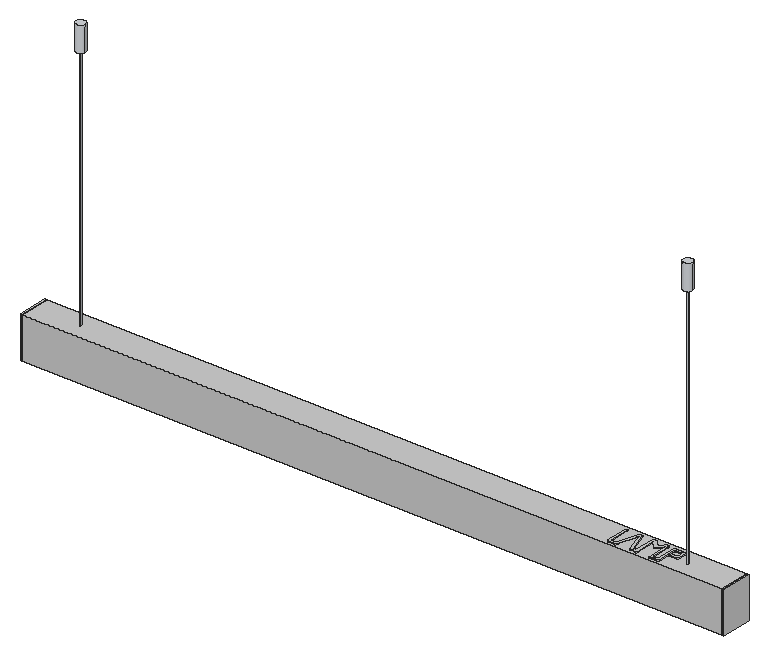
Revit family "LAMP_FIL 50 G2 PRISMATIC SUSPENDED", category Luminarias, Revit 2015
Parameters (values of type "1137MM 3000LM 3000K GREY")
  Ángulo de inclinación = 90.00°
  Weight = 2.114 kg
  Type = "MID POWER TRIDONIC"
  Suspension distance [instance] = if(Suspension > 4000.00 mm, 4000.00 mm, Suspension)  # 400.00 mm
  Protection rating = "IP42, IK07"
  Product datasheet = "https://www.lamp.es/product-files/TECH/F52SF120MOPR830NG-EN.pdf"
  Product code = "F52SF120MOPR830NG"
  Product URL = "https://www.lamp.es/en/family/fil-50_33388"
  Power Supply = "220-240V 50-60Hz"
  Power = 19 W
  Plum = 21.3 W
  NO COVER 2 [instance] = not(END COVER 2)  # no
  NO COVER 1 [instance] = not(END COVER 1)  # no
  Modelo = Product code  # "F52SF120MOPR830NG"
  Model explanation = "Availability of switching between accessories through visibility parameters when placed in a project."
  Material codo = LAMP_Aluminio Perfil Fil GR
  Material Perfil = LAMP_Aluminio Perfil Fil GR
  Material Difusor = LAMP_PC Difusor Prismático Fil
  Manufacturer name = "LAMP"
  Manufacturer country = "Spain"
  Manufacturer URL = "http://www.lamp.es/en"
  MacAdam = "3"
  Luminaire type = "Indoor - Modular System"
  Last update = "11/08/2020"
  LED Lifetime = "50000 L80 B10"
  Insulation class = "II"
  Installation instructions = "https://www.lamp.es/product-files/INS/1003600-G-INSTR.%20ESTRUCTURA%20FIL%2050.pdf"
  IEE = "A++"
  Gear = "Electronic"
  Finish = "Gloss grey"
  Fabricante = Manufacturer name  # "LAMP"
  Efficacy = 91.3 lm/W
  END COVER 2 [instance] = yes
  END COVER 1 [instance] = yes
  Dimensions = "1137x50x67mm"
  Descripción = "FIL 50 G2 PRISM SUS 3000 WW GR."
  Wattage = 21.3 W
  UniClass 2.0 Descripción = ""
  UniClass 2.0 Code = Product code  # "F52SF120MOPR830NG"
  UniClass 1.4 Descripción = ""
  UniClass 1.4 Code = Product code  # "F52SF120MOPR830NG"
  built-in parameter 1150110 = 1 (stored number, unit not read)
  Omniclass Descripción = ""
  OmniClass Code = ""
  Lámpara = "MID-POWER LED"
  Largo = 1137.00 mm
  IFC Clasificación = "Light Fixture"
  built-in parameter 1114217 = 1 (stored number, unit not read)
  built-in parameter 1150109 = 1 (stored number, unit not read)
  Suspension [instance] = 400.00 mm
  Comentarios de tipo = Model explanation  # "Availability of switching between accessories through visibility parameters when placed in a project."
  built-in parameter 1150134 = (empty or 0)
  built-in parameter 1150113 = 1 (stored number, unit not read)
  Lumens = 1944.69 lm
  built-in parameter 1150115 = 1 (stored number, unit not read)
  built-in parameter 1150105 = 154.75 (stored number, unit not read)
  built-in parameter 1150137 = (empty or 0)
  built-in parameter 1150139 = (empty or 0)
  built-in parameter 1150112 = 1 (stored number, unit not read)
  built-in parameter 1150114 = 1 (stored number, unit not read)
  built-in parameter 1150132 = 2
  built-in parameter 1150102 = (empty or 0)
  built-in parameter 1150138 = (empty or 0)
  built-in parameter 1150107 = 3000 (stored number, unit not read)
  built-in parameter 1150106 = 1.5475 (stored number, unit not read)
  Emit from Line Length = Largo  # 1137.00 mm
  built-in parameter 1150104 = 8.482 (stored number, unit not read)
  Dimming Lamp Color Temperature Shift = (empty or 0)
  Color Filter = 16777215
  built-in parameter 1114218 = 1 (stored number, unit not read)
  CRI = "80"
  CORNER 2 RIGHT [instance] = and(NO COVER 2, ACC CORNER 2, not(CORNER 2 LEFT))  # no
  CORNER 2 LEFT [instance] = and(NO COVER 2, ACC CORNER 2, CHANGE SIDE CORNER 2)  # no
  CORNER 1 RIGHT [instance] = and(NO COVER 1, ACC CORNER 1, not(CORNER 1 LEFT))  # no
  CORNER 1 LEFT [instance] = and(NO COVER 1, ACC CORNER 1, CHANGE SIDE CORNER 1)  # no
  CHANGE SIDE CORNER 2 [instance] = no
  CHANGE SIDE CORNER 1 [instance] = no
  Archivo de red fotométrica = "14741453.IES"
  ACC CORNER 2 [instance] = no
  ACC CORNER 1 [instance] = no
  built-in parameter 1150133 = 10 (stored number, unit not read)
Types (17, lengths in mm): name | Weight | Product datasheet | Product code | Power | Plum | Modelo | Material codo | Material Perfil | LED Lifetime | Finish | Efficacy | Dimensions | Descripción | Wattage | UniClass 2.0 Code | UniClass 1.4 Code | Largo | built-in parameter 1150134 | Lumens | built-in parameter 1150105 | built-in parameter 1150107 | built-in parameter 1150106 | Emit from Line Length | built-in parameter 1150104 | Archivo de red fotométrica
  (no name) | 2.114 kg | "https://www.lamp.es/product-files/TECH/F52SF120MOPR830NG-EN.pdf" | "F52SF120MOPR830NG" | 19 W | 21.3 W | "F52SF120MOPR830NG" | LAMP_Aluminio Perfil Fil GR | LAMP_Aluminio Perfil Fil GR | "50000 L80 B10" | "Gloss grey" | 91.3 lm/W | "1137x50x67mm" | "FIL 50 G2 PRISM SUS 3000 WW GR." | 21.3 W | "F52SF120MOPR830NG" | "F52SF120MOPR830NG" | 1137.00 | (empty or 0) | 1944.69 lm | 154.75 (stored number, unit not read) | 3000 (stored number, unit not read) | 1.5475 (stored number, unit not read) | 1137.00 | 8.482 (stored number, unit not read) | "14741453.IES"
  1137MM 3000LM 3000K WHITE | 2.114 kg | "https://www.lamp.es/product-files/TECH/F52SF120MOPR830NW-EN.pdf" | "F52SF120MOPR830NW" | 19 W | 21.3 W | "F52SF120MOPR830NW" | LAMP_Aluminio Perfil Fil BL | LAMP_Aluminio Perfil Fil BL | "50000 L80 B10" | "Matt white" | 91.3 lm/W | "1137x50x67mm" | "FIL 50 G2 PRISM SUS 3000 WW WH." | 21.3 W | "F52SF120MOPR830NW" | "F52SF120MOPR830NW" | 1137.00 | (empty or 0) | 1944.69 lm | 154.75 (stored number, unit not read) | 3000 (stored number, unit not read) | 1.5475 (stored number, unit not read) | 1137.00 | 8.482 (stored number, unit not read) | "14741450.ies"
  1137MM 3000LM 3000K GREY | 2.114 kg | "https://www.lamp.es/product-files/TECH/F52SF120MOPR830NG-EN.pdf" | "F52SF120MOPR830NG" | 19 W | 21.3 W | "F52SF120MOPR830NG" | LAMP_Aluminio Perfil Fil GR | LAMP_Aluminio Perfil Fil GR | "50000 L80 B10" | "Gloss grey" | 91.3 lm/W | "1137x50x67mm" | "FIL 50 G2 PRISM SUS 3000 WW GR." | 21.3 W | "F52SF120MOPR830NG" | "F52SF120MOPR830NG" | 1137.00 | (empty or 0) | 1944.69 lm | 154.75 (stored number, unit not read) | 3000 (stored number, unit not read) | 1.5475 (stored number, unit not read) | 1137.00 | 8.482 (stored number, unit not read) | "14741453.IES"
  1137MM 3000LM 4000K WHITE | 2.114 kg | "https://www.lamp.es/product-files/TECH/F52SF120MOPR840NW-EN.pdf" | "F52SF120MOPR840NW" | 19 W | 21.3 W | "F52SF120MOPR840NW" | LAMP_Aluminio Perfil Fil BL | LAMP_Aluminio Perfil Fil BL | "50000 L80 B10" | "Matt white" | 96.2 lm/W | "1137x50x67mm" | "FIL 50 G2 PRISM SUS 3000 NW WH." | 21.3 W | "F52SF120MOPR840NW" | "F52SF120MOPR840NW" | 1137.00 | 12 | 2049.06 lm | 163.06 (stored number, unit not read) | 4000 (stored number, unit not read) | 1.6306 (stored number, unit not read) | 1137.00 | 8.9373 (stored number, unit not read) | "14740450.ies"
  1137MM 3000LM 4000K GREY | 2.114 kg | "https://www.lamp.es/product-files/TECH/F52SF120MOPR840NG-EN.pdf" | "F52SF120MOPR840NG" | 19 W | 21.3 W | "F52SF120MOPR840NG" | LAMP_Aluminio Perfil Fil GR | LAMP_Aluminio Perfil Fil GR | "50000 L80 B10" | "Gloss grey" | 96.2 lm/W | "1137x50x67mm" | "FIL 50 G2 PRISM SUS 3000 NW GR." | 21.3 W | "F52SF120MOPR840NG" | "F52SF120MOPR840NG" | 1137.00 | 12 | 2049.06 lm | 163.06 (stored number, unit not read) | 4000 (stored number, unit not read) | 1.6306 (stored number, unit not read) | 1137.00 | 8.9373 (stored number, unit not read) | "14740453.ies"
  1137MM 6000LM 3000K WHITE | 2.114 kg | "https://www.lamp.es/product-files/TECH/F52SF120HOPR830NW-EN.pdf" | "F52SF120HOPR830NW" | 37 W | 40.6 W | "F52SF120HOPR830NW" | LAMP_Aluminio Perfil Fil BL | LAMP_Aluminio Perfil Fil BL | "50000 L70 B10" | "Matt white" | 92.1 lm/W | "1137x50x67mm" | "FIL 50 G2 PRISM SUS 6000 WW WH." | 40.6 W | "F52SF120HOPR830NW" | "F52SF120HOPR830NW" | 1137.00 | (empty or 0) | 3739.26 lm | 297.56 (stored number, unit not read) | 3000 (stored number, unit not read) | 2.9756 (stored number, unit not read) | 1137.00 | 8.5564 (stored number, unit not read) | "14741470.IES"
  1137MM 6000LM 3000K GREY | 2.114 kg | "https://www.lamp.es/product-files/TECH/F52SF120HOPR830NG-EN.pdf" | "F52SF120HOPR830NG" | 37 W | 40.6 W | "F52SF120HOPR830NG" | LAMP_Aluminio Perfil Fil GR | LAMP_Aluminio Perfil Fil GR | "50000 L70 B10" | "Gloss grey" | 92.1 lm/W | "1137x50x67mm" | "FIL 50 G2 PRISM SUS 6000 WW GR." | 40.6 W | "F52SF120HOPR830NG" | "F52SF120HOPR830NG" | 1137.00 | (empty or 0) | 3739.26 lm | 297.56 (stored number, unit not read) | 3000 (stored number, unit not read) | 2.9756 (stored number, unit not read) | 1137.00 | 8.5564 (stored number, unit not read) | "14741473.IES"
  1137MM 6000LM 4000K WHITE | 2.114 kg | "https://www.lamp.es/product-files/TECH/F52SF120HOPR840NW-EN.pdf" | "F52SF120HOPR840NW" | 37 W | 40.6 W | "F52SF120HOPR840NW" | LAMP_Aluminio Perfil Fil BL | LAMP_Aluminio Perfil Fil BL | "50000 L70 B10" | "Matt white" | 97.1 lm/W | "1137x50x67mm" | "FIL 50 G2 PRISM SUS 6000 NW WH." | 40.6 W | "F52SF120HOPR840NW" | "F52SF120HOPR840NW" | 1137.00 | 12 | 3942.26 lm | 313.72 (stored number, unit not read) | 4000 (stored number, unit not read) | 3.1372 (stored number, unit not read) | 1137.00 | 9.0209 (stored number, unit not read) | "14740470.IES"
  1137MM 6000LM 4000K GREY | 2.114 kg | "https://www.lamp.es/product-files/TECH/F52SF120HOPR840NG-EN.pdf" | "F52SF120HOPR840NG" | 37 W | 40.6 W | "F52SF120HOPR840NG" | LAMP_Aluminio Perfil Fil GR | LAMP_Aluminio Perfil Fil GR | "50000 L70 B10" | "Gloss grey" | 97.1 lm/W | "1137x50x67mm" | "FIL 50 G2 PRISM SUS 6000 NW GR." | 40.6 W | "F52SF120HOPR840NG" | "F52SF120HOPR840NG" | 1137.00 | 12 | 3942.26 lm | 313.72 (stored number, unit not read) | 4000 (stored number, unit not read) | 3.1372 (stored number, unit not read) | 1137.00 | 9.0209 (stored number, unit not read) | "14740473.IES"
  1700MM 4600LM 3000K WHITE | 2.768 kg | "https://www.lamp.es/product-files/TECH/F52SF170MOPR830NW-EN.pdf" | "F52SF170MOPR830NW" | 28 W | 32.2 W | "F52SF170MOPR830NW" | LAMP_Aluminio Perfil Fil BL | LAMP_Aluminio Perfil Fil BL | "50000 L80 B10" | "Matt white" | 93.5 lm/W | "1700x50x67mm" | "FIL 50 G2 PRISM SUS 4600 WW WH." | 31.2 W | "F52SF170MOPR830NW" | "F52SF170MOPR830NW" | 1700.00 | (empty or 0) | 2917.20 lm | 232.14 (stored number, unit not read) | 3000 (stored number, unit not read) | 2.3214 (stored number, unit not read) | 1700.00 | 8.6864 (stored number, unit not read) | "14741460.IES"
  1700MM 4600LM 3000K GREY | 2.768 kg | "https://www.lamp.es/product-files/TECH/F52SF170MOPR830NG-EN.pdf" | "F52SF170MOPR830NG" | 28 W | 32.2 W | "F52SF170MOPR830NG" | LAMP_Aluminio Perfil Fil GR | LAMP_Aluminio Perfil Fil GR | "50000 L80 B10" | "Gloss grey" | 93.5 lm/W | "1700x50x67mm" | "FIL 50 G2 PRISM SUS 4600 WW GR." | 31.2 W | "F52SF170MOPR830NG" | "F52SF170MOPR830NG" | 1700.00 | (empty or 0) | 2917.20 lm | 232.14 (stored number, unit not read) | 3000 (stored number, unit not read) | 2.3214 (stored number, unit not read) | 1700.00 | 8.6864 (stored number, unit not read) | "14741463.IES"
  1700MM 4600LM 4000K WHITE | 2.768 kg | "https://www.lamp.es/product-files/TECH/F52SF170MOPR840NW-EN.pdf" | "F52SF170MOPR840NW" | 28 W | 32.2 W | "F52SF170MOPR840NW" | LAMP_Aluminio Perfil Fil BL | LAMP_Aluminio Perfil Fil BL | "50000 L80 B10" | "Matt white" | 98.6 lm/W | "1700x50x67mm" | "FIL 50 G2 PRISM SUS 4600 NW WH." | 31.2 W | "F52SF170MOPR840NW" | "F52SF170MOPR840NW" | 1700.00 | 12 | 3076.32 lm | 244.81 (stored number, unit not read) | 4000 (stored number, unit not read) | 2.4481 (stored number, unit not read) | 1700.00 | 9.1602 (stored number, unit not read) | "14740460.IES"
  1700MM 4600LM 4000K GREY | 2.768 kg | "https://www.lamp.es/product-files/TECH/F52SF170MOPR840NG-EN.pdf" | "F52SF170MOPR840NG" | 28 W | 32.2 W | "F52SF170MOPR840NG" | LAMP_Aluminio Perfil Fil GR | LAMP_Aluminio Perfil Fil GR | "50000 L80 B10" | "Gloss grey" | 98.6 lm/W | "1700x50x67mm" | "FIL 50 G2 PRISM SUS 4600 NW GR." | 31.2 W | "F52SF170MOPR840NG" | "F52SF170MOPR840NG" | 1700.00 | 12 | 3076.32 lm | 244.81 (stored number, unit not read) | 4000 (stored number, unit not read) | 2.4481 (stored number, unit not read) | 1700.00 | 9.1602 (stored number, unit not read) | "14740463.IES"
  1700MM 9200LM 3000K WHITE | 2.768 kg | "https://www.lamp.es/product-files/TECH/F52SF170HOPR830NW-EN.pdf" | "F52SF170HOPR830NW" | 55 W | 60.4 W | "F52SF170HOPR830NW" | LAMP_Aluminio Perfil Fil BL | LAMP_Aluminio Perfil Fil BL | "50000 L70 B10" | "Matt white" | 92.9 lm/W | "1700x50x67mm" | "FIL 50 G2 PRISM SUS 9200 WW WH." | 60.4 W | "F52SF170HOPR830NW" | "F52SF170HOPR830NW" | 1700.00 | (empty or 0) | 5611.16 lm | 446.52 (stored number, unit not read) | 3000 (stored number, unit not read) | 4.4652 (stored number, unit not read) | 1700.00 | 8.6307 (stored number, unit not read) | "14741480.IES"
  1700MM 9200LM 3000K GREY | 2.768 kg | "https://www.lamp.es/product-files/TECH/F52SF170HOPR830NG-EN.pdf" | "F52SF170HOPR830NG" | 55 W | 60.4 W | "F52SF170HOPR830NG" | LAMP_Aluminio Perfil Fil GR | LAMP_Aluminio Perfil Fil GR | "50000 L70 B10" | "Gloss grey" | 92.9 lm/W | "1700x50x67mm" | "FIL 50 G2 PRISM SUS 9200 WW GR." | 60.4 W | "F52SF170HOPR830NG" | "F52SF170HOPR830NG" | 1700.00 | (empty or 0) | 5611.16 lm | 446.52 (stored number, unit not read) | 3000 (stored number, unit not read) | 4.4652 (stored number, unit not read) | 1700.00 | 8.6307 (stored number, unit not read) | "14741483.IES"
  1700MM 9200LM 4000K WHITE | 2.768 kg | "https://www.lamp.es/product-files/TECH/F52SF170HOPR840NW-EN.pdf" | "F52SF170HOPR840NW" | 55 W | 60.4 W | "F52SF170HOPR840NW" | LAMP_Aluminio Perfil Fil BL | LAMP_Aluminio Perfil Fil BL | "50000 L70 B10" | "Matt white" | 97.9 lm/W | "1700x50x67mm" | "FIL 50 G2 PRISM SUS 9200 NW WH." | 60.4 W | "F52SF170HOPR840NW" | "F52SF170HOPR840NW" | 1700.00 | 12 | 5913.16 lm | 470.55 (stored number, unit not read) | 4000 (stored number, unit not read) | 4.7055 (stored number, unit not read) | 1700.00 | 9.0952 (stored number, unit not read) | "14740480.IES"
  1700MM 9200LM 4000K GREY | 2.768 kg | "https://www.lamp.es/product-files/TECH/F52SF170HOPR840NG-EN.pdf" | "F52SF170HOPR840NG" | 55 W | 60.4 W | "F52SF170HOPR840NG" | LAMP_Aluminio Perfil Fil GR | LAMP_Aluminio Perfil Fil GR | "50000 L70 B10" | "Gloss grey" | 97.9 lm/W | "1700x50x67mm" | "FIL 50 G2 PRISM SUS 9200 NW GR." | 60.4 W | "F52SF170HOPR840NG" | "F52SF170HOPR840NG" | 1700.00 | 12 | 5913.16 lm | 470.55 (stored number, unit not read) | 4000 (stored number, unit not read) | 4.7055 (stored number, unit not read) | 1700.00 | 9.0952 (stored number, unit not read) | "14740483.IES"
Reference planes
  plane 1 "Eje de origen de luz (F/P)": y = 0
  plane 2 "Techo": z = 2438.4
  plane 3 "Eje de origen de luz (I/D)": x = 0
  plane 4 "Elevación de origen de luz": z = 1931.4
  plane 5 "derecha": x = 1137
  plane 6: z = 2398.4
  plane 7 "Centro origen de luz": x = 568.5
  plane 8: z = 1998.4
Forms (mm)
  Extrusion 1, solid, material "LAMP_Aluminio Perfil Fil GR" <- "Material Perfil"
    sketch origin (0, 0, -99.116) x (0, 1, 0) y (0, 0, 1)
      loop
        line (-25.003, 2097.516) -> (-25.003, 2030.516) -> (24.997, 2030.516) -> (24.997, 2097.516) -> (-25.003, 2097.516)
    from 0 to 1137
  Extrusion 2, void
    sketch origin (0, 0, -99.116) x (0, 1, 0) y (0, 0, 1)
      loop
        line (-25.003, 2030.516) -> (25.003, 2030.516) -> (23.245, 2036.54) -> (-23.244, 2036.54) -> (-25.003, 2030.516)
    from -565 to 1137
  Extrusion 3, solid, material "LAMP_PC Difusor Prismático Fil" <- "Material Difusor"
    sketch origin (0, 0, -99.116) x (0, 1, 0) y (0, 0, 1)
      loop
        line (-22.902, 2032.507) -> (-24.052, 2030.516) -> (24.045, 2030.516) -> (22.896, 2032.507) -> (-22.902, 2032.507)
    from 0 to 1137
  Extrusion 4, solid
    sketch origin (0, 0, 0) x (1, 0, 0) y (0, 1, 0)
      loop
        circle (1062, 0) r 7.5
    from 2398.4 to 2438.4
  Extrusion 5, solid
    sketch origin (510, 0, 0) x (1, 0, 0) y (0, 1, 0)
      loop
        circle (552, 0) r 1
    from 1998.4 to 2398.4
  Extrusion 6, solid
    sketch origin (1130, 0, 0) x (-1, 0, 0) y (0, -1, 0)
      loop
        circle (1055, 0) r 7.5
    from 2398.4 to 2438.4
  Extrusion 7, solid
    sketch origin (620, 0, 0) x (-1, 0, 0) y (0, -1, 0)
      loop
        circle (545, 0) r 1
    from 1998.4 to 2398.4
  Extrusion 8, solid, material "LAMP_Aluminio Perfil Fil GR" <- "Material Perfil", visible <- "END COVER 2"
    sketch origin (0, 0, 0) x (0, 1, 0) y (0, 0, 1)
      loop
        line (24.997, 1998.4) -> (-25.003, 1998.4) -> (-25.003, 1931.4) -> (24.997, 1931.4) -> (24.997, 1998.4)
    from -3 to 0
  Extrusion 9, solid, material "LAMP_Aluminio Perfil Fil GR" <- "Material Perfil", visible <- "END COVER 1"
    sketch origin (1137, 0, 0) x (0, 1, 0) y (0, 0, 1)
      loop
        line (24.997, 1998.4) -> (-25.003, 1998.4) -> (-25.003, 1931.4) -> (24.997, 1931.4) -> (24.997, 1998.4)
    from 0 to 3
  Extrusion 10, solid, material "LAMP_Aluminio Perfil Fil GR" <- "Material Perfil"
    sketch origin (0, 0, 1931.4) x (0, -1, 0) y (1, 0, 0)
      loop
        arc (17.801, 945.858) -> (19.08, 946.387) -> (19.61, 947.666) r 1.808
        line (19.61, 947.666) -> (19.61, 958.679)
        arc (19.61, 958.679) -> (19.26, 959.771) -> (18.342, 960.457) r 1.88
        line (18.342, 960.457) -> (-13.67, 971.471) -> (18.166, 982.425)
        arc (18.166, 982.425) -> (19.029, 983.069) -> (19.357, 984.094) r 1.764
        line (19.357, 984.094) -> (19.357, 992.026)
        arc (19.357, 992.026) -> (18.839, 993.276) -> (17.589, 993.794) r 1.768
        line (17.589, 993.794) -> (-13.871, 993.794) -> (-3.912, 1003.753) -> (-13.871, 1013.713) -> (17.893, 1013.713)
        arc (17.893, 1013.713) -> (19.107, 1014.216) -> (19.61, 1015.43) r 1.717
        line (19.61, 1015.43) -> (19.61, 1027.746)
        arc (19.61, 1027.746) -> (19.066, 1029.06) -> (17.752, 1029.604) r 1.858
        line (17.752, 1029.604) -> (-12.33, 1029.604)
        arc (-12.33, 1029.604) -> (-13.6, 1030.13) -> (-14.126, 1031.4) r 1.796
        line (-14.126, 1031.4) -> (-14.126, 1039.755)
        arc (-14.126, 1039.755) -> (-13.585, 1041.063) -> (-12.277, 1041.604) r 1.849
        line (-12.277, 1041.604) -> (-5.964, 1041.604)
        arc (-5.964, 1041.604) -> (-4.664, 1041.066) -> (-4.126, 1039.767) r 1.838
        line (-4.126, 1039.767) -> (-4.126, 1032.073)
        arc (-4.126, 1032.073) -> (-2.126, 1030.073) -> (-0.126, 1032.073) r 2
        line (-0.126, 1032.073) -> (-0.126, 1043.811)
        arc (-0.126, 1043.811) -> (-0.651, 1045.079) -> (-1.919, 1045.604) r 1.793
        line (-1.919, 1045.604) -> (-16.244, 1045.604)
        arc (-16.244, 1045.604) -> (-17.575, 1045.053) -> (-18.126, 1043.722) r 1.882
        line (-18.126, 1043.722) -> (-18.126, 1027.463)
        arc (-18.126, 1027.463) -> (-17.582, 1026.149) -> (-16.268, 1025.604) r 1.858
        line (-16.268, 1025.604) -> (13.802, 1025.604)
        arc (13.802, 1025.604) -> (15.117, 1025.06) -> (15.661, 1023.745) r 1.859
        line (15.661, 1023.745) -> (15.661, 1019.631)
        arc (15.661, 1019.631) -> (15.12, 1018.324) -> (13.813, 1017.783) r 1.849
        line (13.813, 1017.783) -> (-14.444, 1017.783)
        arc (-14.444, 1017.783) -> (-18.476, 1014.881) -> (-17.007, 1010.135) r 4.253
        line (-17.007, 1010.135) -> (-10.625, 1003.753) -> (-17.007, 997.371)
        arc (-17.007, 997.371) -> (-18.476, 992.626) -> (-14.444, 989.724) r 4.253
        line (-14.444, 989.724) -> (13.361, 989.724)
        arc (13.361, 989.724) -> (15.624, 987.808) -> (14.107, 985.259) r 2.295
        line (14.107, 985.259) -> (-15.57, 975.053)
        arc (-15.57, 975.053) -> (-18.126, 971.471) -> (-15.57, 967.889) r 3.788
        line (-15.57, 967.889) -> (14.403, 957.581)
        arc (14.403, 957.581) -> (15.315, 956.901) -> (15.661, 955.818) r 1.864
        line (15.661, 955.818) -> (15.661, 951.635)
        arc (15.661, 951.635) -> (15.141, 950.378) -> (13.884, 949.858) r 1.777
        line (13.884, 949.858) -> (-16.339, 949.858)
        arc (-16.339, 949.858) -> (-18.339, 947.858) -> (-16.339, 945.858) r 2
        line (-16.339, 945.858) -> (17.801, 945.858)
    from 67 to 68
Cuts and joins
  Extrusion 2 cuts Extrusion 1
Text (mm)
  text "Any modification of the parameters and properties of the LAMP BIM models must be executed and validated by the LAMP technical department.\n\nPhone: +34 93 736 68 00\n\nE-mail: lamp@lamp.es\n\n\n\nLAMP reserves the right to modify the technical specifications of its products." at (1582.978, -344.424, 1402.121), in view "Preview"
Dimensions and locks
  equal spacing: host sketch curve, plane 3 "Eje de origen de luz (I/D)", host sketch curve
  equal spacing: host sketch curve, plane 1 "Eje de origen de luz (F/P)", host sketch curve
  host sketch curve to host sketch curve = 3048.00 mm  (x2)
  "Largo": plane 3 "Eje de origen de luz (I/D)" to plane 5 "derecha"
  locked: cut or joined group of Extrusion 1, Extrusion 2 to cut or joined group of Extrusion 1, Extrusion 2 at 67
  locked: Extrusion 3 sketch curve to imposter light at 1.991
  locked: cut or joined group of Extrusion 1, Extrusion 2 to Extrusion 2 sketch curve at 6.024
  locked: plane 2 "Techo" to plane 6 at 40
  equal spacing: plane 3 "Eje de origen de luz (I/D)", plane 7 "Centro origen de luz", plane 5 "derecha"
  "Suspension distance": plane 6 to plane 8
  locked: plane 8 to plane 4 "Elevación de origen de luz" at 67
  aligned and locked: plane 1 "Eje de origen de luz (F/P)" to imposter light
  aligned and locked: plane 4 "Elevación de origen de luz" to imposter light
  aligned and locked: plane 5 "derecha" to Extrusion 1
  aligned and locked: plane 4 "Elevación de origen de luz" to cut or joined group of Extrusion 1, Extrusion 2
  aligned and locked: plane 4 "Elevación de origen de luz" to Extrusion 3
  aligned and locked: plane 4 "Elevación de origen de luz" to Extrusion 2
  aligned and locked: plane 2 "Techo" to Extrusion 4
  aligned and locked: plane 6 to Extrusion 4
  aligned and locked: Extrusion 5 to cut or joined group of Extrusion 1, Extrusion 2
  aligned and locked: Extrusion 5 to plane 6
  aligned and locked: plane 5 "derecha" to Extrusion 3
  aligned and locked: plane 5 "derecha" to Extrusion 2
  aligned and locked: Extrusion 3 to plane 3 "Eje de origen de luz (I/D)"
  aligned and locked: cut or joined group of Extrusion 1, Extrusion 2 to plane 3 "Eje de origen de luz (I/D)"
  aligned and locked: imposter light to plane 7 "Centro origen de luz"
  aligned and locked: plane 2 "Techo" to Extrusion 6
  aligned and locked: Extrusion 6 to plane 6
  aligned and locked: plane 6 to Extrusion 7
  aligned and locked: Extrusion 7 to cut or joined group of Extrusion 1, Extrusion 2
  aligned and locked: Extrusion 8 to cut or joined group of Extrusion 1, Extrusion 2
  aligned and locked: plane 5 "derecha" to nested 1
  aligned and locked: plane 8 to cut or joined group of Extrusion 1, Extrusion 2
  aligned and locked: plane 8 to Extrusion 9  (x2)
  aligned and locked: plane 8 to nested 1
  aligned and locked: plane 8 to Extrusion 8  (x2)
  aligned and locked: nested 2 to plane 5 "derecha"
  aligned and locked: Extrusion 9 to plane 5 "derecha"
  aligned and locked: plane 8 to nested 2
  aligned and locked: nested 4 to plane 3 "Eje de origen de luz (I/D)"  (x2)
  aligned and locked: plane 3 "Eje de origen de luz (I/D)" to nested 3
  aligned and locked: plane 3 "Eje de origen de luz (I/D)" to Extrusion 8
  aligned and locked: nested 3 to plane 8
  aligned and locked: nested 4 to plane 8
  aligned and locked: Extrusion 10 to cut or joined group of Extrusion 1, Extrusion 2
Automatic sketch dimensions
  plane 4 "Elevación de origen de luz" to Extrusion 1 sketch curve = 0.00 mm
  plane 1 "Eje de origen de luz (F/P)" to Extrusion 1 sketch curve = 25.003 mm
  Extrusion 1 sketch curve to plane 1 "Eje de origen de luz (F/P)" = 24.997 mm
  Extrusion 1 sketch curve to Extrusion 1 sketch curve = 67.00 mm
  plane 4 "Elevación de origen de luz" to Extrusion 2 sketch curve = 0.00 mm
  plane 1 "Eje de origen de luz (F/P)" to Extrusion 2 sketch curve = 25.003 mm
  Extrusion 2 sketch curve to Extrusion 2 sketch curve = 1.759 mm  (x2)
  Extrusion 2 sketch curve to plane 1 "Eje de origen de luz (F/P)" = 23.245 mm
  plane 4 "Elevación de origen de luz" to Extrusion 3 sketch curve = 0.00 mm
  plane 1 "Eje de origen de luz (F/P)" to Extrusion 3 sketch curve = 24.052 mm
  Extrusion 3 sketch curve to Extrusion 3 sketch curve = 1.149 mm  (x2)
  Extrusion 3 sketch curve to plane 1 "Eje de origen de luz (F/P)" = 22.896 mm
  plane 1 "Eje de origen de luz (F/P)" to Extrusion 4 sketch curve = 0.00 mm
  Extrusion 4 sketch curve to plane 5 "derecha" = 75.00 mm
  plane 1 "Eje de origen de luz (F/P)" to Extrusion 5 sketch curve = 0.00 mm
  Extrusion 5 sketch curve to plane 5 "derecha" = 75.00 mm
  plane 1 "Eje de origen de luz (F/P)" to Extrusion 6 sketch curve = 0.00 mm
  Extrusion 6 sketch curve to plane 3 "Eje de origen de luz (I/D)" = 75.00 mm
  plane 1 "Eje de origen de luz (F/P)" to Extrusion 7 sketch curve = 0.00 mm
  Extrusion 7 sketch curve to plane 3 "Eje de origen de luz (I/D)" = 75.00 mm
  plane 4 "Elevación de origen de luz" to Extrusion 8 sketch curve = 0.00 mm
  plane 1 "Eje de origen de luz (F/P)" to Extrusion 8 sketch curve = 25.003 mm
  Extrusion 8 sketch curve to plane 1 "Eje de origen de luz (F/P)" = 24.997 mm
  Extrusion 8 sketch curve to Extrusion 8 sketch curve = 67.00 mm
  plane 4 "Elevación de origen de luz" to Extrusion 9 sketch curve = 0.00 mm
  plane 1 "Eje de origen de luz (F/P)" to Extrusion 9 sketch curve = 25.003 mm
  Extrusion 9 sketch curve to plane 1 "Eje de origen de luz (F/P)" = 24.997 mm
  Extrusion 9 sketch curve to Extrusion 9 sketch curve = 67.00 mm
  Extrusion 10 sketch curve to plane 1 "Eje de origen de luz (F/P)" = 18.126 mm
  Extrusion 10 sketch curve to plane 1 "Eje de origen de luz (F/P)" = 17.007 mm
  Extrusion 10 sketch curve to Extrusion 10 sketch curve = 0.00 mm  (x4)
  Extrusion 10 sketch curve to plane 1 "Eje de origen de luz (F/P)" = 16.339 mm
  Extrusion 10 sketch curve to Extrusion 10 sketch curve = 1.858 mm  (x2)
  Extrusion 10 sketch curve to Extrusion 10 sketch curve = 1.882 mm
  Extrusion 10 sketch curve to plane 1 "Eje de origen de luz (F/P)" = 15.57 mm
  Extrusion 10 sketch curve to Extrusion 10 sketch curve = 1.824 mm
  Extrusion 10 sketch curve to Extrusion 10 sketch curve = 2.563 mm
  Extrusion 10 sketch curve to Extrusion 10 sketch curve = 1.232 mm
  Extrusion 10 sketch curve to Extrusion 10 sketch curve = 2.118 mm  (x2)
  Extrusion 10 sketch curve to Extrusion 10 sketch curve = 0.572 mm  (x2)
  Extrusion 10 sketch curve to Extrusion 10 sketch curve = 0.669 mm
  Extrusion 10 sketch curve to Extrusion 10 sketch curve = 1.796 mm
  Extrusion 10 sketch curve to Extrusion 10 sketch curve = 1.849 mm  (x2)
  Extrusion 10 sketch curve to Extrusion 10 sketch curve = 6.382 mm  (x2)
  Extrusion 10 sketch curve to plane 1 "Eje de origen de luz (F/P)" = 5.964 mm
  Extrusion 10 sketch curve to plane 1 "Eje de origen de luz (F/P)" = 4.126 mm
  Extrusion 10 sketch curve to plane 1 "Eje de origen de luz (F/P)" = 3.912 mm
  Extrusion 10 sketch curve to Extrusion 10 sketch curve = 2.00 mm  (x2)
  Extrusion 10 sketch curve to Extrusion 10 sketch curve = 1.793 mm
  plane 1 "Eje de origen de luz (F/P)" to Extrusion 10 sketch curve = 13.361 mm
  plane 1 "Eje de origen de luz (F/P)" to Extrusion 10 sketch curve = 13.797 mm
  plane 1 "Eje de origen de luz (F/P)" to Extrusion 10 sketch curve = 13.802 mm
  Extrusion 10 sketch curve to Extrusion 10 sketch curve = 0.01 mm
  Extrusion 10 sketch curve to Extrusion 10 sketch curve = 0.087 mm
  Extrusion 10 sketch curve to Extrusion 10 sketch curve = 0.746 mm
  Extrusion 10 sketch curve to Extrusion 10 sketch curve = 0.606 mm
  Extrusion 10 sketch curve to Extrusion 10 sketch curve = 1.777 mm
  Extrusion 10 sketch curve to Extrusion 10 sketch curve = 4.228 mm
  Extrusion 10 sketch curve to Extrusion 10 sketch curve = 3.485 mm
  Extrusion 10 sketch curve to Extrusion 10 sketch curve = 3.327 mm
  Extrusion 10 sketch curve to Extrusion 10 sketch curve = 3.949 mm
  Extrusion 10 sketch curve to Extrusion 10 sketch curve = 3.917 mm
  Extrusion 10 sketch curve to Extrusion 10 sketch curve = 4.08 mm
  Extrusion 10 sketch curve to Extrusion 10 sketch curve = 0.574 mm
  Extrusion 10 sketch curve to Extrusion 10 sketch curve = 0.612 mm
  Extrusion 10 sketch curve to Extrusion 10 sketch curve = 1.764 mm
  Extrusion 10 sketch curve to Extrusion 10 sketch curve = 1.88 mm
  Extrusion 10 sketch curve to plane 5 "derecha" = 191.142 mm
  Extrusion 10 sketch curve to Extrusion 10 sketch curve = 4.184 mm
  Extrusion 10 sketch curve to Extrusion 10 sketch curve = 2.861 mm
  Extrusion 10 sketch curve to Extrusion 10 sketch curve = 18.032 mm
  Extrusion 10 sketch curve to Extrusion 10 sketch curve = 3.582 mm
  Extrusion 10 sketch curve to Extrusion 10 sketch curve = 21.969 mm
  Extrusion 10 sketch curve to Extrusion 10 sketch curve = 1.166 mm
  Extrusion 10 sketch curve to Extrusion 10 sketch curve = 2.17 mm
  Extrusion 10 sketch curve to Extrusion 10 sketch curve = 2.302 mm
  Extrusion 10 sketch curve to Extrusion 10 sketch curve = 0.184 mm  (x2)
  Extrusion 10 sketch curve to Extrusion 10 sketch curve = 4.114 mm
  Extrusion 10 sketch curve to Extrusion 10 sketch curve = 2.142 mm
  Extrusion 10 sketch curve to Extrusion 10 sketch curve = 0.673 mm
  Extrusion 10 sketch curve to Extrusion 10 sketch curve = 8.355 mm
  radius of Extrusion 4 sketch curve = 7.50 mm
  radius of Extrusion 5 sketch curve = 1.00 mm
  radius of Extrusion 6 sketch curve = 7.50 mm
  radius of Extrusion 7 sketch curve = 1.00 mm
Nested families
  nested 1: "LAMP_FIL ACC 90º WALL CORNER SUSPENDED" at (1137, -55.003, 1931.4), Material codo <- "Material codo", visible <- "CORNER 1 RIGHT", type "WHITE"
    with Material codo LAMP_Aluminio Perfil Fil GR
  nested 2: "LAMP_FIL ACC 90º WALL CORNER SUSPENDED" at (1137, 54.997, 1931.4) x (0, -1, 0) z (0, 0, 1), Material codo <- "Material codo", visible <- "CORNER 1 LEFT", type "WHITE"
    with Material codo LAMP_Aluminio Perfil Fil GR
  nested 3: "LAMP_FIL ACC 90º WALL CORNER SUSPENDED" at (0, -55.003, 1931.4) x (-1, 0, 0) z (0, 0, 1), Material codo <- "Material codo", visible <- "CORNER 2 RIGHT", type "WHITE"
    with Material codo LAMP_Aluminio Perfil Fil GR
  nested 4: "LAMP_FIL ACC 90º WALL CORNER SUSPENDED" at (0, 54.997, 1931.4) x (0, -1, 0) z (0, 0, 1), Material codo <- "Material codo", visible <- "CORNER 2 LEFT", type "WHITE"
    with Material codo LAMP_Aluminio Perfil Fil GR
Connectors
  electrical at (20, 0, 1998.4)
    settings: on Extrusion 1, index 1, voltage 240 V, apparent load 0 VA, apparent load phase1 0 VA, apparent load phase2 0 VA, apparent load phase3 0 VA, power factor 1, load classification "Iluminación", number of poles 1, system type 31, power factor state 1, is connector primary yes, connector utility no, sub classification motor no, connector description ""
Definition of nested family "LAMP_FIL ACC 90º WALL CORNER SUSPENDED"
  Parameters (values of type "GREY")
    Material codo [instance] = none
  Types (3): name
    (no name)
    WHITE
    GREY
  Reference planes
    plane 1 "Centro (Frontal/Posterior)": y = 0
    plane 2: z = 0
    plane 3 "Centro (Izquierda/Derecha)": x = 0
  Forms (mm)
    Sweep 1, solid, material <- "Material codo"
      path origin (0, 0, 0) x (1, 0, 0) y (0, 1, 0)
        loop
          line (0, 80) -> (80, 80) -> (80, 0)
      profile origin (40, 80, 0) x (0, 1, 0) y (0, 0, 1)
        loop
          line (0, 0) -> (0, 67) -> (-50, 67) -> (-50, 0) -> (0, 0)
  Dimensions and locks
    aligned and locked: level to plane 2
